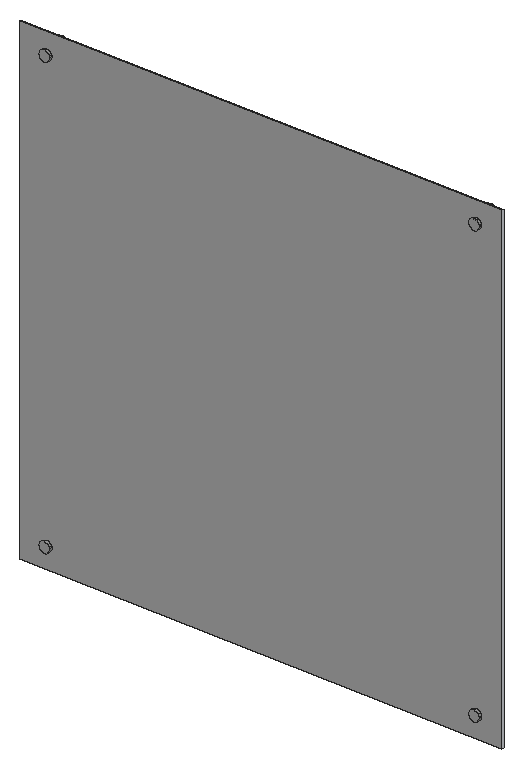
Revit family "SS-Digitally Printed Wall Art-Inpro", category Generic Models, Revit 2018
Family settings
  Can host rebar = No
  Round Connector Dimension = Use Diameter
  Part Type = Normal
  Work Plane-Based = No
  Always vertical = Yes
  Cut with Voids When Loaded = No
  Shared = No
  Room Calculation Point = No
Parameters (values of type "23" x 23"")
  Void Control 2 [instance] = if(Adhesive Mount, 0' 2 101/128", 0' 2")  # 0' - 2"
  Void Control 1 [instance] = if(Adhesive Mount, 0' 3 1/4", 0' 0 1/2")  # 0' - 0 1/2"
  URL = "https://www.inprocorp.com/products/architectural-signage/printed-wall-art/printed-wall-art/"
  Standoff Mount [instance] = not(Adhesive Mount)  # yes
  Standard Width = 1' - 11"
  Type Comments = "Standard Size; 23\"x23\""
  Standard Size = yes
  Model = "Digitally Printed Wall Art"  # constant formula
  Manufacturer = "Inpro®"  # constant formula
  Image [instance] = "How to place image on Digital Wall Art model\r\n1.\tGo to “Insert” ribbon, “Decal” “Decal Types”\r\n2.\tCreate a new Decal type (Bottom Left), then find image to associate with decal type (Top Right)\r\n3.\tNow “Place Decal” while in elevation of Digital Wall Art.\r\n4.\tSize decal to portions of the Digital Wall Art size.\r\n5.\tLock decal sides to sides of Digital Wall Art model."
  Standard Height = 1' - 11"
  ISO BIM# = "BIMSS.007"  # constant formula
  Description = "Digitally Printed Wall Art, .060in thickness, Matte Finish"  # constant formula
  Custom Width [instance] = 4' - 5"
  Custom Size = no
  Custom Height [instance] = 3' - 11"
  Adhesive Mount [instance] = no
Types (14): name | Standard Width | Type Comments | Standard Size | Standard Height | Custom Width | Custom Size | Custom Height
  (no name) | 1' - 11" | "Standard Size; 23\"x23\"" | yes | 1' - 11" | 4' - 5" | no | 3' - 11"
  23" x 23" | 1' - 11" | "Standard Size; 23\"x23\"" | yes | 1' - 11" | 4' - 5" | no | 3' - 11"
  23" x 46" | 3' - 10" | "Standard Size; 23\"x46\"" | yes | 1' - 11" | 4' - 5" | no | 3' - 11"
  23" x 71" | 5' - 11" | "Standard Size; 23\"x71\"" | yes | 1' - 11" | 4' - 5" | no | 3' - 11"
  23" x 94" | 7' - 10" | "Standard Size; 23\"x94\"" | yes | 1' - 11" | 4' - 5" | no | 3' - 11"
  46" x 46" | 3' - 10" | "Standard Size; 46\"x46\"" | yes | 3' - 10" | 4' - 5" | no | 3' - 11"
  46" x 71" | 5' - 11" | "Standard Size; 46\"x71\"" | yes | 3' - 10" | 4' - 5" | no | 3' - 11"
  31" x 46" | 5' - 11" | "Standard Size; 31\"x46\"" | yes | 3' - 10" | 4' - 5" | no | 3' - 11"
  94" x 23" | 1' - 11" | "Standard Size; 94\"x23\"" | yes | 7' - 10" | 4' - 5" | no | 3' - 11"
  71" x 46" | 3' - 10" | "Standard Size; 71\"x46\"" | yes | 5' - 11" | 4' - 5" | no | 3' - 11"
  71" x 23" | 1' - 11" | "Standard Size; 71\"x23\"" | yes | 5' - 11" | 4' - 5" | no | 3' - 11"
  46" x 31" | 2' - 7" | "Standard Size; 46\"x31\"" | yes | 3' - 10" | 4' - 5" | no | 3' - 11"
  46" x 23" | 1' - 11" | "Standard Size; 46\"x23\"" | yes | 3' - 10" | 4' - 5" | no | 3' - 11"
  Custom | 1' - 11" | "Custom Size" | no | 1' - 11" | 4' - 0" | yes | 4' - 0"
Reference planes (in)
  plane 1 "Center (Front/Back)": y = 0
  plane 2: z = 0
  plane 3 "Center (Left/Right)": x = 0
  plane 4 "Standard Width Left": x = -11.5
  plane 5 "Standard Height Top": z = 86.20633
  plane 6 "Standard Width Right": x = 11.5
  plane 7 "Standard Height Bottom": z = 63.20633
  plane 8: x = -10
  plane 9: z = 85.20633
  plane 10: z = 64.20633
  plane 11: x = 10
  plane 12: z = 64.20633
  plane 13: z = 85.20633
  plane 14: y = -0.79
  plane 15: y = -0.87
  plane 16: y = -0.97444
  plane 17: x = -26.5
  plane 18: x = 26.5
  plane 19: z = 97.10482
  plane 20: z = 50.10482
  plane 21: z = 96.10482
  plane 22: z = 96.10482
  plane 23: x = -25
  plane 24: x = 25
  plane 25: z = 51.10482
  plane 26: x = -25
  plane 27: z = 51.10482
  plane 28: x = 25
  plane 29: y = -4.12
  plane 30: y = -3.62
  plane 31: y = 0
  plane 32: y = 2
Forms (in)
  Extrusion 1, solid, visible <- "Standard Size"
    sketch origin (0, 0, 0) x (1, 0, 0) y (0, 0, 1)
      loop
        line (-11.5, 86.20633) -> (-11.5, 63.20633) -> (11.5, 63.20633) -> (11.5, 86.20633) -> (-11.5, 86.20633)
    from 0.79 to 0.87
  Extrusion 2, solid, material "Aluminum", visible <- "Standard Size"
    sketch origin (10.56542, 0, 1.00543) x (1, 0, 0) y (0, 0, 1)
      loop
        circle (-20.81542, 84.2009) r 0.25
    from 0.97444 to 0.87
  Extrusion 3, solid, material "Aluminum", visible <- "Standard Size"
    sketch origin (-10.56542, 0, 1.00543) x (-1, 0, 0) y (0, 0, -1)
      loop
        circle (-20.81542, -84.2009) r 0.25
    from 0.97444 to 0.87
  Extrusion 4, solid, material "Aluminum", visible <- "Standard Size"
    sketch origin (10.56542, 0, 148.40724) x (1, 0, 0) y (0, 0, 1)
      loop
        circle (-20.81542, -84.2009) r 0.25
    from 0.97444 to 0.87
  Extrusion 5, solid, material "Aluminum", visible <- "Standard Size"
    sketch origin (-10.56542, 0, 148.40724) x (-1, 0, 0) y (0, 0, -1)
      loop
        circle (-20.81542, 84.2009) r 0.25
    from 0.97444 to 0.87
  Extrusion 6, solid, visible <- "Standard Size"
    sketch origin (0, 0, 0) x (1, 0, 0) y (0, 0, 1)
      loop
        circle (10.25, 85.20633) r 0.45
    from 0 to 0.79
  Extrusion 7, solid, visible <- "Standard Size"
    sketch origin (0, 0, 0) x (-1, 0, 0) y (0, 0, -1)
      loop
        circle (10.25, -85.20633) r 0.45
    from 0 to 0.79
  Extrusion 8, solid, visible <- "Standard Size"
    sketch origin (0, 0, 126.41267) x (1, 0, 0) y (0, 0, 1)
      loop
        circle (10.25, -62.20633) r 0.45
    from 0 to 0.79
  Extrusion 9, solid, visible <- "Standard Size"
    sketch origin (0, 0, 126.41267) x (-1, 0, 0) y (0, 0, -1)
      loop
        circle (10.25, 62.20633) r 0.45
    from 0 to 0.79
  Extrusion 10, solid, visible <- "Custom Size"
    sketch origin (0, 0, 0) x (1, 0, 0) y (0, 0, 1)
      loop
        line (-26.5, 97.10482) -> (-26.5, 50.10482) -> (26.5, 50.10482) -> (26.5, 97.10482) -> (-26.5, 97.10482)
    from 0.78906 to 0.87109
  Extrusion 11, solid, material "Aluminum", visible <- "Custom Size"
    sketch origin (4.06542, 0, 11.90392) x (1, 0, 0) y (0, 0, 1)
      loop
        circle (-29.31542, 84.2009) r 0.25
    from 0.97444 to 0.87
  Extrusion 12, solid, visible <- "Custom Size"
    sketch origin (-15, 0, 10.89849) x (-1, 0, 0) y (0, 0, -1)
      loop
        circle (10.25, -85.20633) r 0.45
    from 0 to 0.79
  Extrusion 13, solid, material "Aluminum", visible <- "Custom Size"
    sketch origin (-4.43458, 0, -33.09608) x (1, 0, 0) y (0, 0, 1)
      loop
        circle (-20.81542, 84.2009) r 0.25
    from 0.97444 to 0.87
  Extrusion 14, solid, visible <- "Custom Size"
    sketch origin (-15, 0, -34.10151) x (-1, 0, 0) y (0, 0, -1)
      loop
        circle (10.25, -85.20633) r 0.45
    from 0 to 0.79
  Extrusion 15, solid, material "Aluminum", visible <- "Custom Size"
    sketch origin (46.06542, 0, -33.09608) x (1, 0, 0) y (0, 0, 1)
      loop
        circle (-20.81542, 84.2009) r 0.25
    from 0.97444 to 0.87
  Extrusion 16, solid, visible <- "Custom Size"
    sketch origin (35.5, 0, -34.10151) x (-1, 0, 0) y (0, 0, -1)
      loop
        circle (10.25, -85.20633) r 0.45
    from 0 to 0.79
  Extrusion 17, solid, material "Aluminum", visible <- "Custom Size"
    sketch origin (46.06542, 0, 11.90392) x (1, 0, 0) y (0, 0, 1)
      loop
        circle (-20.81542, 84.2009) r 0.25
    from 0.97444 to 0.87
  Extrusion 18, solid, visible <- "Custom Size"
    sketch origin (35.5, 0, 10.89849) x (-1, 0, 0) y (0, 0, -1)
      loop
        circle (10.25, -85.20633) r 0.45
    from 0 to 0.79
  Extrusion 19, void
    sketch origin (0, 0, 0) x (1, 0, 0) y (0, 1, 0)
      loop
        line (26.5, -4.12) -> (26.5, -3.62) -> (-26.5, -3.62) -> (-26.5, -4.12) -> (26.5, -4.12)
    from 50.10482 to 97.10482
  Extrusion 20, void
    sketch origin (0, 0, 0) x (1, 0, 0) y (0, 1, 0)
      loop
        line (-26.5, 0) -> (26.5, 0) -> (26.5, 2) -> (-26.5, 2) -> (-26.5, 0)
    from 50.10482 to 97.10482
Cuts and joins
  Extrusion 19 cuts Extrusion 11
  Extrusion 19 cuts Extrusion 2
  Extrusion 19 cuts Extrusion 3
  Extrusion 19 cuts Extrusion 17
  Extrusion 20 cuts Extrusion 12
  Extrusion 20 cuts Extrusion 7
  Extrusion 20 cuts Extrusion 6
  Extrusion 20 cuts Extrusion 18
  Extrusion 19 cuts Extrusion 5
  Extrusion 19 cuts Extrusion 4
  Extrusion 19 cuts Extrusion 13
  Extrusion 19 cuts Extrusion 15
  Extrusion 20 cuts Extrusion 8
  Extrusion 20 cuts Extrusion 9
  Extrusion 20 cuts Extrusion 14
  Extrusion 20 cuts Extrusion 16
Lines and regions (in)
  Masking region 1, visible <- "Custom Size"
    outline origin (0, 0, 0) x (1, 0, 0) y (0, 1, 0)
      loop
        line (-26.5, -0.79) -> (-26.5, -0.87) -> (26.5, -0.87) -> (26.5, -0.79) -> (-26.5, -0.79)
  Masking region 2, visible <- "Standard Size"
    outline origin (0, 0, 0) x (1, 0, 0) y (0, 1, 0)
      loop
        line (-11.5, -0.79) -> (-11.5, -0.87) -> (26.5, -0.87) -> (26.5, -0.79) -> (-11.5, -0.79)
Dimensions and locks (in)
  equal spacing: plane 6 "Standard Width Right", plane 3 "Center (Left/Right)", plane 4 "Standard Width Left"
  "Standard Width": plane 6 "Standard Width Right" to plane 4 "Standard Width Left"
  "Standard Height": plane 5 "Standard Height Top" to plane 7 "Standard Height Bottom"
  locked: plane 8 to plane 4 "Standard Width Left" at 1.5
  locked: plane 5 "Standard Height Top" to plane 9 at 1
  plane 10 to plane 7 "Standard Height Bottom" = 0' - 1"
  locked: plane 6 "Standard Width Right" to plane 11 at 1.5
  locked: plane 12 to plane 7 "Standard Height Bottom" at 1
  locked: plane 5 "Standard Height Top" to plane 13 at 1
  locked: plane 14 to plane 15 at 0.08
  locked: plane 1 "Center (Front/Back)" to plane 14 at 0.79
  Extrusion 8 to Extrusion 5 to Extrusion 5 to Extrusion 8 = 0' - 0.2" locked, 0' - 0 1/2" locked, 0' - 0.2" locked
  Extrusion 9 to Extrusion 4 to Extrusion 4 to Extrusion 9 = 0' - 0.2" locked, 0' - 0 1/2" locked, 0' - 0.2" locked
  Extrusion 6 to Extrusion 3 to Extrusion 3 to Extrusion 6 = 0' - 0.2" locked, 0' - 0 1/2" locked, 0' - 0.2" locked
  Extrusion 7 to Extrusion 2 to Extrusion 2 to Extrusion 7 = 0' - 0.2" locked, 0' - 0 1/2" locked, 0' - 0.2" locked
  locked: plane 15 to plane 16 at 0.10444
  equal spacing: plane 17, plane 3 "Center (Left/Right)", plane 18
  "Custom Width": plane 17 to plane 18
  "Custom Height": plane 19 to plane 20
  locked: plane 19 to plane 21 at 1
  locked: plane 19 to plane 22 at 1
  locked: plane 18 to plane 24 at 1.5
  locked: plane 26 to plane 17 at 1.5
  locked: plane 25 to plane 20 at 1
  locked: plane 27 to plane 20 at 1
  locked: plane 18 to plane 28 at 1.5
  locked: plane 23 to plane 17 at 1.5
  locked: plane 15 to plane 29 at 3.25
  "Void Control 1": plane 30 to plane 29
  locked: plane 32 to plane 1 "Center (Front/Back)" at 2
  "Void Control 2": plane 32 to plane 31
  aligned and locked: plane 2 to level
  aligned and locked: plane 5 "Standard Height Top" to Extrusion 1
  aligned and locked: plane 6 "Standard Width Right" to Extrusion 1
  aligned and locked: plane 7 "Standard Height Bottom" to Extrusion 1
  aligned and locked: Extrusion 1 to plane 4 "Standard Width Left"
  aligned and locked: plane 8 to Extrusion 2
  aligned and locked: plane 9 to Extrusion 2
  aligned and locked: plane 8 to Extrusion 4
  aligned and locked: plane 10 to Extrusion 4  (x2)
  aligned and locked: plane 11 to Extrusion 5
  aligned and locked: plane 11 to Extrusion 3
  aligned and locked: plane 12 to Extrusion 5  (x2)
  aligned and locked: plane 13 to Extrusion 3  (x2)
  aligned and locked: Extrusion 2 to Extrusion 1
  aligned and locked: Extrusion 3 to Extrusion 1
  aligned and locked: Extrusion 4 to Extrusion 1
  aligned and locked: Extrusion 5 to Extrusion 1
  aligned and locked: plane 14 to Extrusion 1
  aligned and locked: Extrusion 1 to plane 15
  aligned and locked: Extrusion 6 to plane 14
  aligned and locked: Extrusion 6 to plane 1 "Center (Front/Back)"
  aligned and locked: plane 16 to Extrusion 2
  aligned and locked: plane 16 to Extrusion 3
  aligned and locked: plane 16 to Extrusion 5
  aligned and locked: plane 16 to Extrusion 4
  aligned and locked: Extrusion 10 sketch curve to plane 19
  aligned and locked: plane 18 to Extrusion 10 sketch curve
  aligned and locked: Extrusion 10 sketch curve to plane 17
  aligned and locked: plane 20 to Extrusion 10 sketch curve
  aligned and locked: plane 21 to Extrusion 11
  aligned and locked: plane 23 to Extrusion 11
  aligned and locked: plane 21 to Extrusion 12
  aligned and locked: plane 25 to Extrusion 13
  aligned and locked: plane 25 to Extrusion 14
  aligned and locked: plane 28 to Extrusion 15
  aligned and locked: plane 27 to Extrusion 15
  aligned and locked: plane 27 to Extrusion 16
  aligned and locked: plane 22 to Extrusion 17
  aligned and locked: plane 22 to Extrusion 18
  aligned and locked: Masking region 1 sketch curve to plane 14
  aligned and locked: plane 15 to Masking region 1 sketch curve
  aligned and locked: plane 18 to Masking region 1 sketch curve
  aligned and locked: Masking region 1 sketch curve to plane 17
  aligned and locked: Masking region 2 sketch curve to plane 14
  aligned and locked: plane 18 to Masking region 2 sketch curve
  aligned and locked: plane 15 to Masking region 2 sketch curve
  aligned and locked: plane 4 "Standard Width Left" to Masking region 2 sketch curve
  aligned and locked: Extrusion 19 sketch curve to plane 30
  aligned and locked: Extrusion 19 sketch curve to plane 17
  aligned and locked: Extrusion 19 sketch curve to plane 29
  aligned and locked: plane 18 to Extrusion 19 sketch curve
  aligned and locked: plane 19 to Extrusion 19
  aligned and locked: Extrusion 19 to plane 20
  aligned and locked: plane 18 to Extrusion 20 sketch curve
  aligned and locked: Extrusion 20 sketch curve to plane 17
  aligned and locked: plane 19 to Extrusion 20
  aligned and locked: Extrusion 20 to plane 20
  aligned and locked: plane 32 to Extrusion 20 sketch curve
  aligned and locked: Extrusion 20 sketch curve to plane 31
Automatic sketch dimensions
  Extrusion 1 sketch curve to plane 4 "Standard Width Left" = 0' - 0"
  Extrusion 1 sketch curve to plane 6 "Standard Width Right" = 0' - 0"
  Extrusion 1 sketch curve to plane 7 "Standard Height Bottom" = 0' - 0"
  Extrusion 1 sketch curve to plane 5 "Standard Height Top" = 0' - 0"
  Extrusion 2 sketch curve to plane 9 = 0' - 0"
  plane 8 to Extrusion 2 sketch curve = 0' - 0 1/4"
  Extrusion 3 sketch curve to plane 9 = 0' - 0"
  Extrusion 3 sketch curve to plane 11 = 0' - 0 1/4"
  Extrusion 4 sketch curve to plane 10 = 0' - 0"
  Extrusion 4 sketch curve to plane 8 = 0' - 0 1/4"
  Extrusion 5 sketch curve to plane 10 = 0' - 0"
  plane 11 to Extrusion 5 sketch curve = 0' - 0 1/4"
  Extrusion 6 sketch curve to Extrusion 6 sketch curve = 0' - 0"  (x2)
  Extrusion 6 sketch curve to plane 9 = 0' - 0"
  plane 11 to Extrusion 6 sketch curve = 0' - 0 1/4"
  Extrusion 6 sketch curve to plane 11 = 0' - 0.2"
  Extrusion 7 sketch curve to Extrusion 7 sketch curve = 0' - 0"  (x2)
  Extrusion 7 sketch curve to plane 9 = 0' - 0"
  Extrusion 7 sketch curve to plane 8 = 0' - 0 1/4"
  plane 8 to Extrusion 7 sketch curve = 0' - 0.2"
  Extrusion 8 sketch curve to Extrusion 8 sketch curve = 0' - 0"  (x2)
  Extrusion 8 sketch curve to plane 10 = 0' - 0"
  Extrusion 8 sketch curve to plane 11 = 0' - 0 1/4"
  plane 11 to Extrusion 8 sketch curve = 0' - 0.2"
  Extrusion 9 sketch curve to Extrusion 9 sketch curve = 0' - 0"  (x2)
  Extrusion 9 sketch curve to plane 10 = 0' - 0"
  plane 8 to Extrusion 9 sketch curve = 0' - 0 1/4"
  Extrusion 9 sketch curve to plane 8 = 0' - 0.2"
  plane 21 to Extrusion 11 sketch curve = 0' - 0"
  Extrusion 11 sketch curve to plane 23 = 0' - 0 1/4"
  Extrusion 12 sketch curve to Extrusion 12 sketch curve = 0' - 0"  (x2)
  plane 21 to Extrusion 12 sketch curve = 0' - 0"
  plane 23 to Extrusion 12 sketch curve = 0' - 0 1/4"
  Extrusion 12 sketch curve to Extrusion 12 sketch curve = 0' - 0.45"
  plane 25 to Extrusion 13 sketch curve = 0' - 0"
  Extrusion 13 sketch curve to plane 23 = 0' - 0 1/4"
  Extrusion 14 sketch curve to Extrusion 14 sketch curve = 0' - 0"  (x2)
  Extrusion 14 sketch curve to plane 25 = 0' - 0"
  plane 23 to Extrusion 14 sketch curve = 0' - 0 1/4"
  Extrusion 14 sketch curve to Extrusion 14 sketch curve = 0' - 0.45"
  plane 24 to Extrusion 15 sketch curve = 0' - 0 1/4"
  plane 25 to Extrusion 15 sketch curve = 0' - 0"
  Extrusion 16 sketch curve to Extrusion 16 sketch curve = 0' - 0"  (x2)
  Extrusion 16 sketch curve to plane 24 = 0' - 0 1/4"
  Extrusion 16 sketch curve to plane 25 = 0' - 0"
  Extrusion 16 sketch curve to Extrusion 16 sketch curve = 0' - 0.45"
  plane 24 to Extrusion 17 sketch curve = 0' - 0 1/4"
  Extrusion 17 sketch curve to plane 21 = 0' - 0"
  Extrusion 18 sketch curve to Extrusion 18 sketch curve = 0' - 0"  (x2)
  Extrusion 18 sketch curve to plane 24 = 0' - 0 1/4"
  plane 21 to Extrusion 18 sketch curve = 0' - 0"
  Extrusion 18 sketch curve to Extrusion 18 sketch curve = 0' - 0.45"
  radius of Extrusion 2 sketch curve = 0' - 0 1/4"
  radius of Extrusion 3 sketch curve = 0' - 0 1/4"
  radius of Extrusion 4 sketch curve = 0' - 0 1/4"
  radius of Extrusion 5 sketch curve = 0' - 0 1/4"
  radius of Extrusion 11 sketch curve = 0' - 0 1/4"
  radius of Extrusion 13 sketch curve = 0' - 0 1/4"
  radius of Extrusion 15 sketch curve = 0' - 0 1/4"
  radius of Extrusion 17 sketch curve = 0' - 0 1/4"
